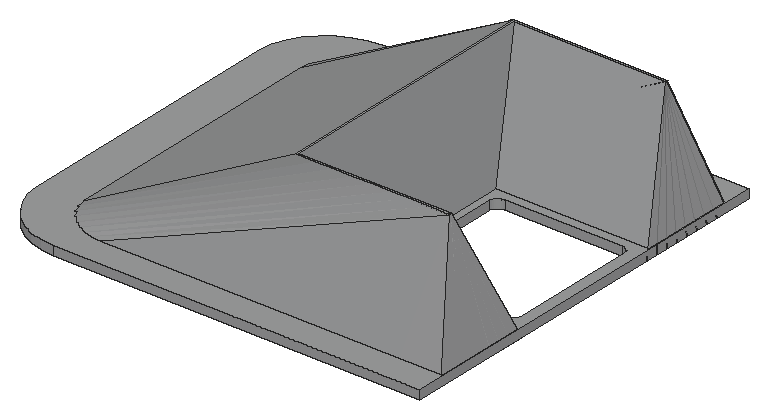
Revit family "Door_Protection-Construction_Specialties-Lever_Protector-DNP-5N", category Specialty Equipment, host Face, Revit 2017
Family settings
  Host = Face
  Round Connector Dimension = Use Diameter
  Part Type = Normal
  OmniClass Number = 23.30.10.11.34
  OmniClass Title = Door Accessories
  Cut with Voids When Loaded = No
  Shared = No
  Room Calculation Point = No
Parameters (values of type "DNP-5N")
  URL = "https://www.c-sgroup.com/"
  Product Page URL = "https://www.c-sgroup.com/acrovyn-wall-protection/door-and-frame-protection/door-knob-and-lever-protectors"
  Product Documentation Link = "https://www.c-sgroup.com/files/tech-center/acrovyn/cad/pdf/dnp-5.pdf"
  Model = "DNP-5N"
  Manufacturer = "Construction Specialties"
  Description = "Acrovyn Door Knob & Lever Protector"
  Default Elevation = 4' - 0"
  Cover Finish [instance] = Plastic - Construction Specialties - Acrovym - Suede - 162 Charcoal
  Assembly Code = "C1020410"
Reference planes (in)
  plane 1 "Center (Front/Back)": y = 0
  plane 2 "Base": z = 0
  plane 3 "Center (Left/Right)": x = 0
  plane 4 "Base Plate": z = 0.25
  plane 5: z = 3.625
Forms (in)
  Extrusion 1, solid, material "Plastic - Construction Specialties - Acrovym - Suede - 162 Charcoal" <- "Cover Finish"
    sketch origin (0, 0, 0) x (0, 1, 0) y (-1, 0, 0)
      loop
        line (-5.87447, 0) -> (5.87447, 0) -> (5.87447, 10.50048)
        arc (5.87447, 10.50048) -> (5.3314, 11.87084) -> (3.99857, 12.50039) r 2.00657
        line (3.99857, 12.50039) -> (-3.99675, 12.50039)
        arc (-3.99675, 12.50039) -> (-5.331, 11.87355) -> (-5.87447, 10.50302) r 2.00122
        line (-5.87447, 10.50302) -> (-5.87447, 0)
      loop
        line (-2.06153, 3.94017) -> (-2.06153, 0.56458)
        arc (-2.06153, 0.56458) -> (-1.98816, 0.38747) -> (-1.81105, 0.3141) r 0.25048
        line (-1.81105, 0.3141) -> (1.81105, 0.3141)
        arc (1.81105, 0.3141) -> (1.98816, 0.38747) -> (2.06153, 0.56458) r 0.25048
        line (2.06153, 0.56458) -> (2.06153, 3.94017)
        arc (2.06153, 3.94017) -> (1.98816, 4.11729) -> (1.81105, 4.19065) r 0.25048
        line (1.81105, 4.19065) -> (-1.81105, 4.19065)
        arc (-1.81105, 4.19065) -> (-1.98816, 4.11729) -> (-2.06153, 3.94017) r 0.25048
    from 0 to 0.25
  Blend 2, solid, material "Plastic - Construction Specialties - Acrovym - Suede - 162 Charcoal" <- "Cover Finish"
    base sketch origin (0, 0, 0) x (0, 1, 0) y (-1, 0, 0)
      loop
        line (-5.12699, 10.50143) -> (-5.12699, 0) -> (-2.25238, 0) -> (-2.25238, 4.37752) -> (2.2484, 4.37752) -> (2.2484, 0) -> (5.12301, 0) -> (5.12301, 10.50438)
        arc (5.12301, 10.50438) -> (4.75721, 11.38711) -> (3.87449, 11.75275) r 1.24836
        line (3.87449, 11.75275) -> (-3.87551, 11.75291)
        arc (-3.87551, 11.75291) -> (-4.76044, 11.38636) -> (-5.12699, 10.50143) r 1.25147
    top sketch origin (0, 0, 0) x (0, 1, 0) y (-1, 0, 0)
      loop
        line (-3.90581, 0.7327) -> (-3.87456, 0.75145) -> (-3.84331, 0.73698) -> (-3.84331, 5.09375) -> (3.84331, 5.09375) -> (3.84331, 0.73701) -> (3.87456, 0.75145) -> (3.90581, 0.73264) -> (3.90581, 5.15625) -> (-3.90581, 5.15625) -> (-3.90581, 0.7327)
    from 0 to 3.625
Lines and regions (in)
  symbolic lines, detail levels medium+fine
    curve 1: circle (-2.00102, -5.49747, 0.25) r 0.34251 normal (0, 0, 1)
    curve 2: circle (-9.50102, -5.49747, 0.25) r 0.34251 normal (0, 0, 1)
    curve 3: circle (-2.00102, 5.5007, 0.25) r 0.34251 normal (0, 0, 1)
    curve 4: circle (-9.50102, 5.5007, 0.25) r 0.34251 normal (0, 0, 1)
Dimensions and locks (in)
  locked: plane 4 "Base Plate" to plane 5 at 3.375
  locked: plane 2 "Base" to plane 4 "Base Plate" at 0.25
  level to plane 5 = 0' - 3 5/8"
  locked: Extrusion 1 to Blend 2 sketch curve at 4.37752
  locked: Blend 2 sketch curve to Blend 2 sketch curve at 10.25
  Blend 2 sketch curve to Blend 2 sketch curve to Blend 2 sketch curve to Blend 2 sketch curve to Blend 2 sketch curve to Blend 2 sketch curve to Blend 2 sketch curve to Blend 2 sketch curve to Blend 2 sketch curve to Blend 2 sketch curve = 0' - 0", 0' - 0", 0' - 0" locked, 0' - 4.37752" locked, 0' - 0" locked, 0' - 6.12391" locked, 0' - 0.00295" locked, 0' - 1.24836" locked, 0' - 0.00016" locked
  Blend 2 sketch curve to Blend 2 sketch curve to Blend 2 sketch curve to Blend 2 sketch curve to Blend 2 sketch curve to Blend 2 sketch curve to Blend 2 sketch curve to Blend 2 sketch curve to Blend 2 sketch curve to Blend 2 sketch curve = 0' - 0.03626" locked, 0' - 0.02229" locked, 0' - 1.80081" locked, 0' - 0.03044" locked, 0' - 5.14337" locked, 0' - 0.03444", 0' - 0.02047" locked, 0' - 1.77635", 0' - 0.08298" locked
  aligned and locked: plane 2 "Base" to host face
  aligned and locked: level to host face
  aligned and locked: plane 5 to Blend 2
